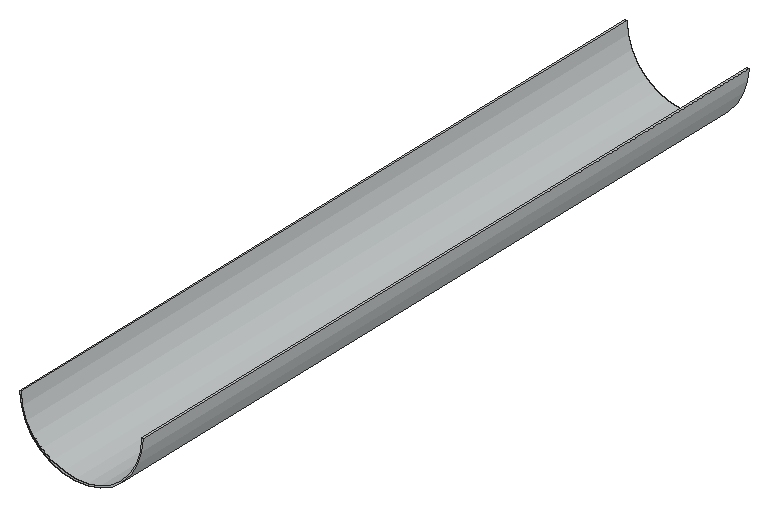
Revit family "mss-insulation protection shield- 7751", category Pipe Accessories, Revit 2018
Family settings
  Round Connector Dimension = Use Diameter
  Part Type = Normal
  Work Plane-Based = No
  Always vertical = Yes
  Cut with Voids When Loaded = No
  Shared = No
Parameters (values of type "7751 shield")
  Weight [instance] = size_lookup(Lookup, "Weight", "NA", Nominal Diameter)  # "0.47 lbs."
  URL = "http://www.fnw.com"
  T [instance] = size_lookup(Lookup, "T", 0.000", Nominal Diameter)  # 0.047"
  Product ID [instance] = size_lookup(Lookup, "ProductID", "NA", Nominal Diameter)  # "4220725"
  Part Number [instance] = size_lookup(Lookup, "PartNumber", "NA", Nominal Diameter)  # "FNW7751Z0150"
  OD [instance] = ID + T  # 1.957"
  Nominal Diameter [instance] = 1 1/2"
  Lookup = "7751-Protection-Saddle"  # constant formula
  L [instance] = size_lookup(Lookup, "L", 0.000", Nominal Diameter)  # 12.000"
  ID [instance] = size_lookup(Lookup, "ID", 0.000", Nominal Diameter)  # 1.910"
  Description BOM [instance] = size_lookup(Lookup, "Description_BOM", "NA", Nominal Diameter)  # "DOM 1 1/2 Galvanized MSS INSU Protector Shield"
Reference planes (in)
  plane 1 "Center (Front/Back)": y = 0
  plane 2: z = 0
  plane 3 "Center (Left/Right)": x = 0
  plane 4 "ID Edge": z = -0.955
  plane 5: z = 0.955
  plane 6: x = -0.955
  plane 7: x = 0.955
  plane 8: y = 12
Forms (in)
  Extrusion 1, solid, material "Steel, Galvanized"
    sketch origin (0, 0, 0) x (1, 0, 0) y (0, 0, 1)
      loop
        circle (0, 0) r 0.955
      loop
        circle (0, 0) r 0.9785
    from -12 to 0
  Extrusion 2, void
    sketch origin (0, 0, 0) x (1, 0, 0) y (0, 0, 1)
      loop
        line (-1.91, 1.91) -> (-1.91, 0) -> (1.91, 0) -> (1.91, 1.91) -> (-1.91, 1.91)
    from -12 to 0
Cuts and joins
  Extrusion 2 cuts Extrusion 1
Lines and regions (in)
  reference lines
    curve 1: line (0, 12, -0.955) -> (0, 0, -0.955)
Dimensions and locks (in)
  equal spacing: plane 5, plane 2, plane 4 "ID Edge"
  "ID": plane 5 to plane 4 "ID Edge"
  equal spacing: plane 7, plane 3 "Center (Left/Right)", plane 6
  "ID": plane 7 to plane 6
  "ID": plane 3 "Center (Left/Right)" to Extrusion 2 sketch curve
  "ID": Extrusion 2 sketch curve to plane 3 "Center (Left/Right)"
  "ID": Extrusion 2 sketch curve to plane 2
  "L": plane 1 "Center (Front/Back)" to plane 8
  "ID": diameter of Extrusion 1 sketch curve
  "OD": diameter of Extrusion 1 sketch curve
  aligned and locked: plane 2 to level
  aligned and locked: plane 8 to Extrusion 1
  aligned and locked: Extrusion 2 to Extrusion 1
  aligned and locked: plane 1 "Center (Front/Back)" to Extrusion 2
  aligned and locked: plane 1 "Center (Front/Back)" to Extrusion 1
Automatic sketch dimensions
  plane 1 "Center (Front/Back)" to curve 1 = 0.000"
  curve 1 to plane 3 "Center (Left/Right)" = 0.000"
  curve 1 to plane 8 = 0.000"
  Extrusion 1 sketch curve to Extrusion 1 sketch curve = 0.000"  (x2)
  Extrusion 1 sketch curve to level = 0.000"
  Extrusion 1 sketch curve to plane 3 "Center (Left/Right)" = 0.000"
  Extrusion 2 sketch curve to level = 0.000"
